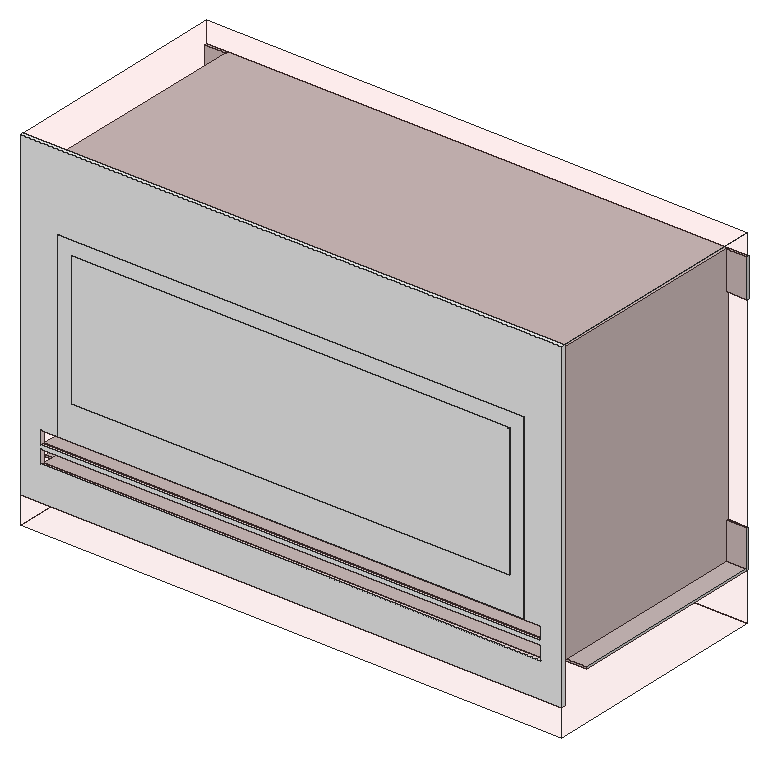
Revit family "Air-Curtain_Customer-Entry_PoweredAire_ECC", category Mechanical Equipment, host Face, Revit 2024
Family settings
  Host = Face
  Round Connector Dimension = Use Diameter
  Part Type = Normal
  OmniClass Number = 23.75.35.17.21
  OmniClass Title = Air Curtains
  Cut with Voids When Loaded = No
  Maintain Annotation Orientation = No
  Shared = No
  Room Calculation Point = No
Parameters
  Warranty Duration (Years) = 0
  Unit Width Notes = "Other Widths available."  # constant formula
  Unit Width = 3' - 3"
  Unit Weight = 0
  Unit Height = 1' - 4 3/4"
  Unit Depth = 1' - 11 1/4"
  URL = "http://www.poweredaire.com/"
  Test Data = ""
  Temperature Rise_Range = "as Specified"
  Standards Conformance = "as Specified"
  Specification = "http://www.arcat.com/sdspecs/htm04/23_34_33pai.htm"
  SpecWizard = ""
  Sound Pressure = "as Specified"
  Sales Information = "http://www.poweredaire.com/contact_us"
  Revision = "R1_2016-08"
  Projection from Host [instance] = 0' - 2"
  Product Properties = ""
  Product Data = "http://www.arcat.com/arcatcos/cos47/arc47623.html"
  Power Rating = 0 W
  Outlet Volume_Range = "as Specified"
  Outlet Velocity_Range = "as Specified"
  Nozzle Width = if(1 = 1, Unit Width - 0' 3", 0' 0")  # 3' - 0"
  Mounting Width = if(1 = 1, Unit Width - 0' 1 1/2", 0' 0")  # 3' - 1 1/2"
  Mounting Height [instance] = 3' - 6"
  Motor RPM = 0
  Motor HP = 0
  Motor Count = 0
  Model = "As Specified"
  Max Height = 0' - 0"
  Manufacturer Website = "http://www.poweredaire.com/"
  Manufacturer Phone - Toll Free = "888-321-2473"
  Manufacturer Phone = "724-588-3305"
  Manufacturer Fax = "724-588-3371"
  Manufacturer Address = "109 Mortensen Rd.  Greenville, PA 16125"
  Manufacturer = "Powered Aire, Inc"
  Maintenance Schedule (Months) = 0
  Keynote = "23 34 33"
  Installation-Fabrication = ""
  Installation Phase = ""
  Include Clearance [instance] = yes
  Heating Element Load = 0 W
  HVAC_Temperature Rise [instance] = 0 °F
  HVAC_Outlet Volume [instance] = 0 CFM
  HVAC_Outlet Velocity Uniformity = 0
  HVAC_Outlet Velocity [instance] = 0 FPM
  Green Building-LEED = "http://www.arcat.com/green/clients/leed_data_47623.html"
  Front Grating Material [instance] = Metal - Steel - PoweredAire - White Perforated
  Frame Finish [instance] = Metal - Steel - PoweredAire - Stainless 304
  Expected Lifespan (Years) = 0
  Electrical_Wattage [instance] = Power Rating + Heating Element Load  # 0 W
  Electrical_Voltage [instance] = 0 V
  Electrical_Phase [instance] = 1
  Electrical_Frequency [instance] = 0 Hz
  Electrical_Amperage [instance] = 0 A
  Drawn By = "Sumex Design, Inc. / Robert S. Weygant, CSI, CDT, SCIP"
  Description = "Powered Aire Air Curtain as Specified"
  Default Elevation = 0' - 0"  # constant formula
  Cover Finish [instance] = Metal - Steel - PoweredAire - White
  Copyright = "©Arcat Inc."
  Construction Details = "http://www.arcat.com/details/powair/prod3336.html"
  Clearance_Top [instance] = 0' - 0"
  Clearance_Side B [instance] = 0' - 0"
  Clearance_Side A [instance] = 0' - 0"
  Clearance_Intake [instance] = 0' - 0"
  Clearance_Front [instance] = 0' - 0"
  Clearance Material [instance] = ARCAT Clearance
  Building Codes = ""
  Available Options [instance] = "as Specified"
  Assembly Code = "D3090400"
Reference planes (in)
  plane 1 "Center (Elevation)": y = 8.51318
  plane 2: z = 0
  plane 3 "Center (Left/Right)": x = 0
  plane 4: y = 16.88818
  plane 5: y = 0.13818
  plane 6: x = -19.5
  plane 7: x = 19.5
  plane 8: z = 25.25
  plane 9 "FF": y = -41.86182
  plane 10: z = 2
  plane 11: x = 18
  plane 12: x = -18
  plane 13: y = 16.88818
  plane 14: y = 0.13818
  plane 15: x = -19.5
  plane 16: x = 19.5
  plane 17: z = 25.25
  plane 18: y = 0.38818
Forms (in)
  Extrusion 1, solid, material "ARCAT Clearance" <- "Clearance Material", visible <- "Include Clearance"
    sketch origin (0, 0, 0) x (0, 1, 0) y (0, 0, 1)
      loop
        line (0.13818, 25.25) -> (0.13818, 0) -> (16.88818, 0) -> (16.88818, 25.25) -> (0.13818, 25.25)
    from -19.5 to 19.5
  Extrusion 2, solid, material "Metal - Steel - PoweredAire - White" <- "Cover Finish"
    sketch origin (0, 8.51318, 0) x (1, 0, 0) y (0, 0, 1)
      loop
        line (-19.5, 25.25) -> (-19.5, 2) -> (19.5, 2) -> (19.5, 25.25) -> (-19.5, 25.25)
    from 8.125 to 8.375
  Extrusion 3, solid, material "Metal - Steel - PoweredAire - Stainless 304" <- "Frame Finish"
    sketch origin (0, 8.51318, 0) x (1, 0, 0) y (0, 0, 1)
      loop
        line (18, 23.75) -> (-18, 23.75) -> (-18, 3.5) -> (18, 3.5) -> (18, 23.75)
    from -8.375 to 8.125
  Extrusion 4, void
    sketch origin (0, 0, 0) x (0, 1, 0) y (0, 0, 1)
      loop
        line (0.13818, 5.5) -> (0.13818, 4.5) -> (1.88818, 4.5) -> (1.88818, 6.75) -> (0.13818, 6.75) -> (0.13818, 5.75) -> (1.63818, 5.75) -> (1.63818, 5.5) -> (0.13818, 5.5)
    from -18 to 18
  Extrusion 5, solid, material "Metal - Steel - PoweredAire - White" <- "Cover Finish"
    sketch origin (-11.83813, 0.13818, 48) x (-1, 0, 0) y (0, 0, 1)
      loop
        line (4.91187, -41.25) -> (4.91187, -28.25) -> (-28.58813, -28.25) -> (-28.58813, -41.25) -> (4.91187, -41.25)
    from 0 to -0.03125
  Extrusion 6, solid, material "Metal - Steel - PoweredAire - White Perforated" <- "Front Grating Material"
    sketch origin (-11.83813, 0.10693, 48) x (1, 0, 0) y (0, 0, 1)
      loop
        line (-3.91187, -29.25) -> (-3.91187, -38.75) -> (27.58813, -38.75) -> (27.58813, -29.25) -> (-3.91187, -29.25)
    from 0 to 0.03125
  Extrusion 7, solid, material "Metal - Steel - PoweredAire - Stainless 304" <- "Frame Finish"
    sketch origin (-15.17702, -180, 2) x (-1, 0, 0) y (0, -1, 0)
      loop
        line (-33.17702, -196.88818) -> (-33.17702, -182.38818) -> (-34.67702, -182.38818) -> (-34.67702, -196.88818) -> (-33.17702, -196.88818)
      loop
        line (2.82298, -196.88818) -> (4.32298, -196.88818) -> (4.32298, -182.38818) -> (2.82298, -182.38818) -> (2.82298, -196.88818)
    from 1.5 to 1.625
  Extrusion 8, solid, material "Metal - Steel - PoweredAire - Stainless 304" <- "Frame Finish"
    sketch origin (-11.83813, 16.88818, 48) x (-1, 0, 0) y (0, 0, 1)
      loop
        line (7.66187, -44.5) -> (7.66187, -41.75) -> (6.16187, -41.75) -> (6.16187, -44.5) -> (7.66187, -44.5)
      loop
        line (-31.33813, -44.5) -> (-29.83813, -44.5) -> (-29.83813, -41.75) -> (-31.33813, -41.75) -> (-31.33813, -44.5)
      loop
        line (7.66187, -27) -> (7.66187, -24.25) -> (6.16187, -24.25) -> (6.16187, -27) -> (7.66187, -27)
      loop
        line (-31.33813, -27) -> (-29.83813, -27) -> (-29.83813, -24.25) -> (-31.33813, -24.25) -> (-31.33813, -27)
    from 0 to -0.125
Cuts and joins
  Extrusion 4 cuts Extrusion 2
  Extrusion 4 cuts Extrusion 3
Dimensions and locks (in)
  equal spacing: plane 4, plane 1 "Center (Elevation)", plane 5
  "Unit Height": plane 4 to plane 5
  equal spacing: plane 6, plane 3 "Center (Left/Right)", plane 7
  "Unit Width": plane 6 to plane 7
  "Mounting Height": plane 5 to plane 9 "FF"
  "Projection from Host": plane 10 to level
  "Unit Depth": plane 8 to plane 10
  locked: plane 6 to plane 12 at 1.5
  locked: plane 11 to plane 7 at 1.5
  "Clearance_Side A": plane 7 to plane 16
  "Clearance_Side B": plane 15 to plane 6
  "Clearance_Top": plane 13 to plane 4
  "Clearance_Intake": plane 5 to plane 14
  "Clearance_Front": plane 17 to plane 8
  locked: plane 8 to Extrusion 3 sketch curve at 1.5
  locked: Extrusion 3 sketch curve to plane 10 at 1.5
  locked: plane 7 to Extrusion 3 sketch curve at 1.5
  locked: Extrusion 3 sketch curve to plane 6 at 1.5
  locked: plane 18 to plane 5 at 0.25
  Extrusion 4 sketch curve to Extrusion 4 sketch curve to Extrusion 4 sketch curve to Extrusion 4 sketch curve to plane 10 = 0' - 1" locked, 0' - 0 1/4" locked, 0' - 1" locked, 0' - 2 1/2" locked
  Extrusion 5 sketch curve to Extrusion 5 sketch curve to plane 10 = 1' - 1" locked, 0' - 4 3/4" locked
  locked: plane 11 to Extrusion 5 sketch curve at 1.25
  locked: Extrusion 5 sketch curve to plane 12 at 1.25
  Extrusion 6 sketch curve to Extrusion 6 sketch curve to plane 10 = 0' - 9 1/2" locked, 0' - 7 1/4" locked
  locked: Extrusion 6 sketch curve to plane 12 at 2.25
  locked: plane 11 to Extrusion 6 sketch curve at 2.25
  locked: plane 4 to Extrusion 7 sketch curve at 14.5  (x2)
  Extrusion 8 sketch curve to Extrusion 8 sketch curve to Extrusion 8 sketch curve to Extrusion 8 sketch curve to plane 10 = 0' - 2 3/4" locked, 1' - 2 3/4" locked, 0' - 2 3/4" locked, 0' - 1 1/2" locked  (x2)
  aligned and locked: plane 2 to host face
  aligned and locked: level to host face
  aligned and locked: Extrusion 1 sketch curve to plane 17
  aligned and locked: plane 14 to Extrusion 1 sketch curve
  aligned and locked: level to Extrusion 1 sketch curve
  aligned and locked: Extrusion 1 sketch curve to plane 13
  aligned and locked: plane 16 to Extrusion 1
  aligned and locked: Extrusion 1 to plane 15
  aligned and locked: Extrusion 2 sketch curve to plane 8
  aligned and locked: plane 6 to Extrusion 2 sketch curve
  aligned and locked: Extrusion 2 sketch curve to plane 10
  aligned and locked: Extrusion 2 sketch curve to plane 7
  aligned and locked: Extrusion 3 to plane 4
  aligned and locked: Extrusion 3 to plane 18
  aligned and locked: Extrusion 2 to plane 18
  aligned and locked: Extrusion 2 to plane 5
  aligned and locked: plane 11 to Extrusion 4
  aligned and locked: Extrusion 4 to plane 12
  aligned and locked: Extrusion 7 sketch curve to plane 4  (x2)
Automatic sketch dimensions
  host sketch curve to host sketch curve = 8' - 0"  (x2)
  Extrusion 4 sketch curve to plane 5 = 0' - 0"  (x2)
  plane 18 to Extrusion 4 sketch curve = 0' - 1 1/4"
  Extrusion 4 sketch curve to Extrusion 4 sketch curve = 0' - 0 1/4"
  Extrusion 7 sketch curve to plane 7 = 0' - 0"
  Extrusion 7 sketch curve to plane 11 = 0' - 0"
  Extrusion 7 sketch curve to plane 12 = 0' - 0"
  Extrusion 7 sketch curve to plane 6 = 0' - 0"
  Extrusion 8 sketch curve to plane 7 = 0' - 0"  (x2)
  Extrusion 8 sketch curve to plane 11 = 0' - 0"  (x2)
  Extrusion 8 sketch curve to plane 12 = 0' - 0"  (x2)
  Extrusion 8 sketch curve to plane 6 = 0' - 0"  (x2)
Connectors (in)
  electrical at (-18, 4.88818, 9.625), driven by "Electrical_Voltage", driven by "Electrical_Phase"
    settings: on cut or joined group of Extrusion 3, Extrusion 4, index 1, voltage 0 V, apparent load 0 VA, apparent load phase1 0 VA, apparent load phase2 0 VA, apparent load phase3 0 VA, power factor 1, load classification "Other", number of poles 1, system type 31, power factor state 1, is connector primary yes, connector utility no, sub classification motor no, connector description ""
